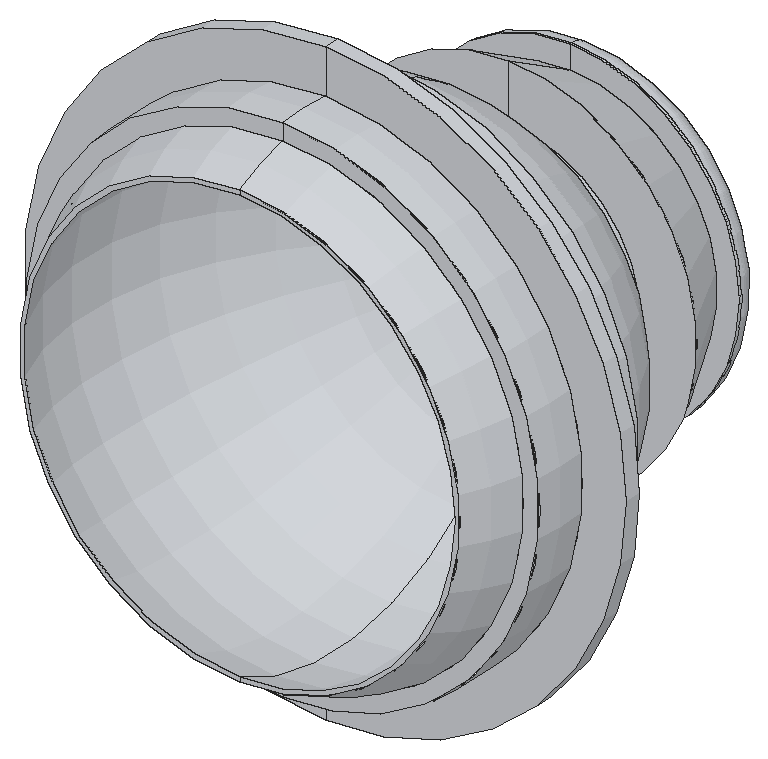
Revit family "DSA", category Air Terminals, Revit 2012
Parameters (values of type "DSA-08")
  g = G / 2  # 1 33/64"
  c ext = c + 1" / 16  # 4 3/64"
  c = C / 2  # 3 63/64"
  b = B / 2  # 4 29/32"
  ancho banda b = 1/4"
  ancho banda A = 2"
  URL = "http://www.innes.com.mx"
  Mínima velocidad de chorro = 0 FPM
  Mínima presión estática = 0.00 in-wg
  Máxima presión estática = 0.00 in-wg
  Máximo nivel de ruido (NC) = "32"
  Máxima velocidad de chorro = 0 FPM
  Min Flow = 0 CFM
  Max Flow = 0 CFM
  Material = "Aluminio"
  Manufacturer = "INNES"
  G = 3 1/32"
  E = 5 15/32"
  Duct = c ext + 1" / 4  # 4 19/64"
  D = 1 3/4"
  C = 7 31/32"
  B = 9 13/16"
Types (6): name | g | c ext | c | b | URL | Máximo nivel de ruido (NC) | Material | Manufacturer | G | E | Duct | D | C | B
  (no name) | 1 33/64" | 4 3/64" | 3 63/64" | 4 29/32" | "http://www.innes.com.mx" | "32" | "Aluminio" | "INNES" | 3 1/32" | 5 15/32" | 4 19/64" | 1 3/4" | 7 31/32" | 9 13/16"
  DSA-08 | 1 33/64" | 4 3/64" | 3 63/64" | 4 29/32" | "http://www.innes.com.mx" | "32" | "Aluminio" | "INNES" | 3 1/32" | 5 15/32" | 4 19/64" | 1 3/4" | 7 31/32" | 9 13/16"
  DSA-10 | 2 9/32" | 5 23/64" | 5 19/64" | 6 23/64" | "" | "" | "" | 0" | 4 9/16" | 7 5/8" | 5 39/64" | 2 1/16" | 10 19/32" | 12 23/32"
  DSA-12 | 2 41/64" | 6 3/32" | 6 1/32" | 7 3/32" | "http://www.innes.com.mx" | "" | "" | "INNES" | 5 9/32" | 8 11/16" | 6 11/32" | 2 7/16" | 12 1/16" | 14 3/16"
  DSA-16 | 3 41/64" | 8 3/16" | 8 1/8" | 9 3/8" | "" | "" | "" | 0" | 7 9/32" | 10 3/4" | 8 7/16" | 4 11/32" | 16 1/4" | 18 3/4"
  DSA-20 | 5 9/64" | 9 23/64" | 9 19/64" | 10 17/32" | "" | "" | "" | 0" | 10 9/32" | 12 9/16" | 9 39/64" | 3 13/16" | 18 19/32" | 21 1/16"
Reference planes (in)
  plane 1 "Center (Front/Back)": y = 0
  plane 2: z = 0
  plane 3 "Center (Left/Right)": x = 0
  plane 4: z = -9
Forms (in)
  Revolve 1, solid
    sketch origin (0, 0, 0) x (0, 1, 0) y (0, 0, 1)
      loop
        line (3.85338, 1.01325) -> (3.85338, 1.51562) -> (4.84375, 1.51562)
        arc (4.84375, 1.51562) -> (5.1973, 1.66207) -> (5.34375, 2.01562) r 0.5
        line (5.34375, 2.01562) -> (5.34375, 2.30196)
        arc (5.34375, 2.30196) -> (5.20794, 2.62982) -> (4.88008, 2.76562) r 0.46367
        line (4.88008, 2.76562) -> (4.84375, 2.76562) -> (4.84375, 2.39559) -> (3.59375, 3.06852) -> (3.59375, 2.15893) -> (3.4229, 2.15893)
        arc (3.4229, 2.15893) -> (2.38056, 3.27264) -> (1, 3.92138) r 4.04688
        line (1, 3.92138) -> (1, 4.18722)
        arc (1, 4.18722) -> (0.5624, 4.20944) -> (0.125, 4.18348) r 3.98438
        line (0.125, 4.18348) -> (0.125, 4.90625) -> (-0.125, 4.90625) -> (-0.125, 4.18572)
        arc (-0.125, 4.18572) -> (-0.5625, 4.20979) -> (-1, 4.18569) r 3.98438
        line (-1, 4.18569) -> (-1, 3.92138)
        arc (-1, 3.92138) -> (-1.44723, 3.77925) -> (-1.875, 3.5863) r 4.04688
        line (-1.875, 3.5863) -> (-1.875, 3.51562)
        arc (-1.875, 3.51562) -> (1.59498, 3.6512) -> (3.85338, 1.01325) r 3.98438
      axis (5.34375, 0) -> (-1.875, 0)
    angle from 0 to 360
Dimensions and locks (in)
  level to plane 4 = 9"
  equal spacing: Revolve 1 sketch curve, plane 1 "Center (Front/Back)", Revolve 1 sketch curve  (x2)
  "ancho banda A": Revolve 1 sketch curve to Revolve 1 sketch curve
  "ancho banda b": Revolve 1 sketch curve to Revolve 1 sketch curve
  "D": Revolve 1 sketch curve to Revolve 1 sketch curve
  "E": Revolve 1 sketch curve to Revolve 1 sketch curve
  "b": Revolve 1 sketch curve to Revolve 1 sketch curve
  "g": Revolve 1 sketch curve to Revolve 1 sketch curve
  Revolve 1 sketch curve to Revolve 1 sketch curve = 0.64331"
  Revolve 1 sketch curve to Revolve 1 sketch curve = 1 3/4"
  Revolve 1 sketch curve to Revolve 1 sketch curve = 1/2"
  Revolve 1 sketch curve to Revolve 1 sketch curve = 0.50237"
  Revolve 1 sketch curve to Revolve 1 sketch curve = 0.90959"
  "c": radius of Revolve 1 sketch curve  (x3)
  "c ext": radius of Revolve 1 sketch curve  (x2)
  radius of Revolve 1 sketch curve = 1/2"
  angle Revolve 1 sketch curve to Revolve 1 sketch curve = 61.7045°
  aligned and locked: plane 2 to level
  aligned and locked: level to Revolve 1 sketch curve
Automatic sketch dimensions
  Revolve 1 sketch curve to Revolve 1 sketch curve = 0"  (x4)
  Revolve 1 sketch curve to level = 0"
  Revolve 1 sketch curve to plane 1 "Center (Front/Back)" = 0"
  Revolve 1 sketch curve to Revolve 1 sketch curve = 2.30194"
  level to Revolve 1 sketch curve = 0.22542"
  plane 1 "Center (Front/Back)" to Revolve 1 sketch curve = 0.56237"
  level to Revolve 1 sketch curve = 0.2251"
  Revolve 1 sketch curve to plane 1 "Center (Front/Back)" = 0.57942"
  Revolve 1 sketch curve to Revolve 1 sketch curve = 0.03633"
  Revolve 1 sketch curve to Revolve 1 sketch curve = 3.33206"
  Revolve 1 sketch curve to Revolve 1 sketch curve = 0.28633"
Connectors (in)
  hvac at (0, -1, 0), driven by "Duct"
    settings: on Revolve 1, index 1, duct flow 0 CFM, flow factor 0, pres drop 0.00 in-wg, loss coef 0, conn angle 0.00°, conn width 12", conn height 12", conn radius 4 19/64", duct sys type 1, conn prof type 0, flow config 0, flow direction 0, loss method 0, conn ref index -1, conn util no, is conn primary yes, conn desc ""
